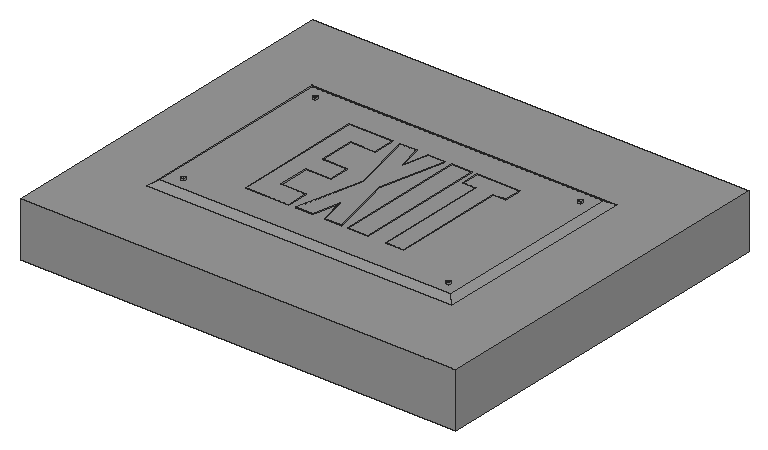
Revit family "ATXREHTLR-LG", category Lighting Fixtures, host Face, Revit 2026
Family settings
  Host = Face
  Round Connector Dimension = Use Diameter
  Part Type = Normal
  Cut with Voids When Loaded = No
  Light Source = No
  Maintain Annotation Orientation = No
  Shared = No
  Room Calculation Point = No
Parameters (values of type "ATXREHTLG")
  Wattage Comments = "2 W"
  Type Image = ATX RECESSED IMAGE.jpg
  Type Comments = ""
  Model = "ATXREHTLG"
  Manufacturer = "BEGHELLI"
  Lamp = "LED"
  LETTER MATERIAL = LETTER MATERIAL GREEN
  HOUSING MATERIAL = HOUSING MATERIAL
  Description = ""
  Default Elevation = 4' - 0"
Types (3): name | Model | LETTER MATERIAL | Description
  (no name) | "ATXREHTLG" | LETTER MATERIAL GREEN | ""
  ATXREHTLR | "ATXREHTLR" | LETTERS MATERIAL RED | "he ATX Recessed (ATX RE) is offered in HT (AC only) or SA (Self\u0002Powered). It comes standard configured with high-output LED \r\ntechnology and 120/277V input. Nickel-cadmium batteries provide a \r\nminimum 90 minutes of emergency duration. 120 minute duration \r\nbattery is available. Solid state charger & transfer. CSA C22.2 No. 141 \r\nPerformance Certified. Fuse protection is standard."
  ATXREHTLG | "ATXREHTLG" | LETTER MATERIAL GREEN | ""
Reference planes (in)
  plane 1 "Center (Front/Back)": y = 0
  plane 2: z = 0
  plane 3 "Center (Left/Right)": x = 0
Forms (in)
  Extrusion 1, solid, material "HOUSING MATERIAL" <- "HOUSING MATERIAL"
    sketch origin (0, 0, 0) x (1, 0, 0) y (0, 1, 0)
      loop
        line (-10, 8.5) -> (-10, -8.36865) -> (10.12976, -8.36865) -> (10.12976, 8.5) -> (-10, 8.5)
    from 0 to -2.52003
Dimensions and locks (in)
  aligned and locked: plane 2 to Extrusion 1
  aligned and locked: level to Extrusion 1
  aligned and locked: nested 1 to level
Nested families (in)
  nested 1: "ATX - RECESSED" at (0, 0, -2.05821), type "ATX - RECESSED"
Definition of nested family "ATX - RECESSED"
  Parameters (values of type "ATX - RECESSED")
    LETTER MATERIAL = none
    HOUSING MATERIAL = none
    Default Elevation = 0' - 0"
  Reference planes (in)
    plane 1 "Center (Front/Back)": y = 0
    plane 2: z = 0
    plane 3 "Center (Left/Right)": x = 0
  Dimensions and locks (in)
    aligned and locked: plane 2 to level
  Nested families (in)
    nested 1: "ATX - HOUSING-RECESSEDL" at (0, 0, 0), type "ATX - HOUSING-RECESSEDL"
    nested 2: "ATX - LETTER" at (0, 0.10607, -2.40378), type "LETTERS"
  Definition of nested family "ATX - HOUSING-RECESSEDL"
    Parameters (values of type "ATX - HOUSING-RECESSEDL")
      Default Elevation = 0' - 0"
      HOUSING MATERIAL = none
    Reference planes (in)
      plane 1 "Center (Front/Back)": y = 0
      plane 2: z = 0
      plane 3 "Center (Left/Right)": x = 0
      plane 4: z = 2.25
      plane 5: x = -7.125
      plane 6: y = 4.75
      plane 7: y = -4.75
      plane 8: x = 7.125
      plane 9: x = -6.125
      plane 10: x = 6.125
      plane 11: y = 3.8125
      plane 12: y = -3.8125
    Forms (in)
      Extrusion 1, solid, material <- "HOUSING MATERIAL"
        sketch origin (0, 0, 0) x (1, 0, 0) y (0, 1, 0)
          loop
            line (-7.125, 4.75) -> (-7.125, -4.75) -> (7.125, -4.75) -> (7.125, 4.75) -> (-7.125, 4.75)
        from 2.05821 to 2.25
      Extrusion 2, solid, material <- "HOUSING MATERIAL"
        sketch origin (0, 0, 0) x (1, 0, 0) y (0, 1, 0)
          loop
            line (-6.125, 3.8125) -> (-6.125, -3.8125) -> (6.125, -3.8125) -> (6.125, 3.8125) -> (-6.125, 3.8125)
        from 0 to 2.05821
      Extrusion 3, void
        sketch origin (0, 0, 0) x (1, 0, 0) y (0, 1, 0)
          loop
            line (-1.96514, 3.08107) -> (-3.96514, 3.08107) -> (-3.96514, -2.91893) -> (-1.96514, -2.91893) -> (-1.96514, -1.91893) -> (-3.10481, -1.91893) -> (-3.10481, -0.47984) -> (-1.96514, -0.47984) -> (-1.96514, 0.45607) -> (-3.10481, 0.45607) -> (-3.10481, 2.08107) -> (-1.96514, 2.08107) -> (-1.96514, 3.08107)
          loop
            line (-0.84609, 3.08107) -> (-1.62734, 3.08107) -> (-0.94531, 0.12685) -> (-1.64848, -2.91893) -> (-0.86723, -2.91893) -> (-0.58752, -1.70738) -> (-0.30782, -2.91893) -> (0.48909, -2.91893) -> (-0.21408, 0.12685) -> (0.46795, 3.08107) -> (-0.32895, 3.08107) -> (-0.58752, 1.96107) -> (-0.84609, 3.08107)
          loop
            line (1.6945, 3.08107) -> (0.77206, 3.08107) -> (0.77206, -2.91893) -> (1.6945, -2.91893) -> (1.6945, 3.08107)
          loop
            line (3.90781, 3.08107) -> (1.9445, 3.08107) -> (1.9445, 2.26742) -> (2.51549, 2.26742) -> (2.51549, -2.91893) -> (3.33682, -2.91893) -> (3.33682, 2.26742) -> (3.90781, 2.26742) -> (3.90781, 3.08107)
        from 2.19405 to 2.5
      Extrusion 4, void
        sketch origin (0, 0, 0) x (0, 1, 0) y (0, 0, 1)
          loop
            line (4.41781, 2.25) -> (4.75, 2.05821) -> (4.94922, 2.05821) -> (4.94922, 2.35605) -> (4.41781, 2.35605) -> (4.41781, 2.25)
        from -7.71918 to 7.75287
      Extrusion 5, void
        sketch origin (0, 0, 0) x (0, -1, 0) y (0, 0, -1)
          loop
            line (4.41781, -2.25) -> (4.41781, -2.35605) -> (4.94922, -2.35605) -> (4.94922, -2.05821) -> (4.75, -2.05821) -> (4.41781, -2.25)
        from -7.71918 to 7.75287
      Extrusion 6, void
        sketch origin (-2.30078, 15.94934, -0.00023) x (-1, 0, 0) y (0, 0, 1)
          loop
            line (4.41781, 2.25) -> (4.75, 2.05821) -> (4.94922, 2.05821) -> (4.94922, 2.35605) -> (4.41781, 2.35605) -> (4.41781, 2.25)
        from -22.60121 to -9.94934
      Extrusion 7, void
        sketch origin (2.30078, 15.94934, -0.00023) x (1, 0, 0) y (0, 0, -1)
          loop
            line (4.41781, -2.25) -> (4.41781, -2.35605) -> (4.94922, -2.35605) -> (4.94922, -2.05821) -> (4.75, -2.05821) -> (4.41781, -2.25)
        from -22.60121 to -9.94934
      Extrusion 8, solid, material <- "HOUSING MATERIAL"
        sketch origin (0.89797, 5.44768, 0) x (0.707107, 0.707107, 0) y (-0.707107, 0.707107, 0)
          loop
            line (-6.22301, 3.8125) -> (-6.02699, 3.8125)
            arc (-6.02699, 3.8125) -> (-6.125, 3.91051) -> (-6.22301, 3.8125) r 0.09801
        from 2.19405 to 2.28886
      Extrusion 9, solid, material <- "HOUSING MATERIAL"
        sketch origin (-4.48803, 10.83368, 0) x (0.707107, 0.707107, 0) y (-0.707107, 0.707107, 0)
          loop
            arc (-6.22301, -3.8125) -> (-6.125, -3.91051) -> (-6.02699, -3.8125) r 0.09801
            line (-6.02699, -3.8125) -> (-6.22301, -3.8125)
        from 2.19405 to 2.28886
      Extrusion 10, solid, material <- "HOUSING MATERIAL"
        sketch origin (-0.89797, 5.44768, 0) x (-0.707107, 0.707107, 0) y (-0.707107, -0.707107, 0)
          loop
            arc (-6.22301, -3.8125) -> (-6.125, -3.91051) -> (-6.02699, -3.8125) r 0.09801
            line (-6.02699, -3.8125) -> (-6.22301, -3.8125)
        from 2.19405 to 2.28886
      Extrusion 11, solid, material <- "HOUSING MATERIAL"
        sketch origin (4.48803, 10.83368, 0) x (-0.707107, 0.707107, 0) y (-0.707107, -0.707107, 0)
          loop
            line (-6.22301, 3.8125) -> (-6.02699, 3.8125)
            arc (-6.02699, 3.8125) -> (-6.125, 3.91051) -> (-6.22301, 3.8125) r 0.09801
        from 2.19405 to 2.28886
      Extrusion 12, solid, material <- "HOUSING MATERIAL"
        sketch origin (-0.89797, -5.44768, 0) x (-0.707107, -0.707107, 0) y (0.707107, -0.707107, 0)
          loop
            line (-6.22301, 3.8125) -> (-6.02699, 3.8125)
            arc (-6.02699, 3.8125) -> (-6.125, 3.91051) -> (-6.22301, 3.8125) r 0.09801
        from 2.19405 to 2.28886
      Extrusion 13, solid, material <- "HOUSING MATERIAL"
        sketch origin (4.48803, -10.83368, 0) x (-0.707107, -0.707107, 0) y (0.707107, -0.707107, 0)
          loop
            arc (-6.22301, -3.8125) -> (-6.125, -3.91051) -> (-6.02699, -3.8125) r 0.09801
            line (-6.02699, -3.8125) -> (-6.22301, -3.8125)
        from 2.19405 to 2.28886
      Extrusion 14, solid, material <- "HOUSING MATERIAL"
        sketch origin (0.89797, -5.44768, 0) x (0.707107, -0.707107, 0) y (0.707107, 0.707107, 0)
          loop
            arc (-6.22301, -3.8125) -> (-6.125, -3.91051) -> (-6.02699, -3.8125) r 0.09801
            line (-6.02699, -3.8125) -> (-6.22301, -3.8125)
        from 2.19405 to 2.28886
      Extrusion 15, solid, material <- "HOUSING MATERIAL"
        sketch origin (-4.48803, -10.83368, 0) x (0.707107, -0.707107, 0) y (0.707107, 0.707107, 0)
          loop
            line (-6.22301, 3.8125) -> (-6.02699, 3.8125)
            arc (-6.02699, 3.8125) -> (-6.125, 3.91051) -> (-6.22301, 3.8125) r 0.09801
        from 2.19405 to 2.28886
    Cuts and joins
      Extrusion 3 cuts Extrusion 2
      Extrusion 3, Extrusion 4, Extrusion 5, Extrusion 6, Extrusion 7 cuts Extrusion 1
    Dimensions and locks (in)
      plane 4 to level = 0' - 2 1/4"  (x2)
      plane 5 to plane 3 "Center (Left/Right)" = 0' - 7 1/8"
      plane 6 to plane 1 "Center (Front/Back)" = 0' - 4 3/4"
      plane 9 to plane 3 "Center (Left/Right)" = 0' - 6 1/8"
      plane 11 to plane 1 "Center (Front/Back)" = 0' - 3 13/16"
      aligned and locked: plane 2 to level
      aligned and locked: plane 4 to Extrusion 1
  Definition of nested family "ATX - LETTER"
    Parameters (values of type "LETTERS")
      LETTERS MATERIAL = none
      Default Elevation = 0' - 0"
    Reference planes (in)
      plane 1 "Center (Front/Back)": y = 0
      plane 2: z = 0
      plane 3 "Center (Left/Right)": x = 0
    Forms (in)
      Extrusion 1, solid, material <- "LETTERS MATERIAL"
        sketch origin (0, -4.58659, 2.66159) x (1, 0, 0) y (0, 1, 0)
          loop
            line (-3.96514, 7.56159) -> (-3.96514, 1.56159) -> (-1.96514, 1.56159) -> (-1.96514, 2.56159) -> (-3.10481, 2.56159) -> (-3.10481, 4.00068) -> (-1.96514, 4.00068) -> (-1.96514, 4.93659) -> (-3.10481, 4.93659) -> (-3.10481, 6.56159) -> (-1.96514, 6.56159) -> (-1.96514, 7.56159) -> (-3.96514, 7.56159)
        from 1.8 to 2
      Extrusion 2, solid, material <- "LETTERS MATERIAL"
        sketch origin (0, -4.58659, 2.66159) x (1, 0, 0) y (0, 1, 0)
          loop
            line (-1.62734, 7.56159) -> (-0.94531, 4.60737) -> (-1.64848, 1.56159) -> (-0.86723, 1.56159) -> (-0.58752, 2.77314) -> (-0.30782, 1.56159) -> (0.48909, 1.56159) -> (-0.21408, 4.60737) -> (0.46795, 7.56159) -> (-0.32895, 7.56159) -> (-0.58752, 6.44159) -> (-0.84609, 7.56159) -> (-1.62734, 7.56159)
        from 1.8 to 2
      Extrusion 3, solid, material <- "LETTERS MATERIAL"
        sketch origin (0, -4.58659, 2.66159) x (1, 0, 0) y (0, 1, 0)
          loop
            line (0.77206, 7.56159) -> (0.77206, 1.56159) -> (1.6945, 1.56159) -> (1.6945, 7.56159) -> (0.77206, 7.56159)
        from 1.8 to 2
      Extrusion 4, solid, material <- "LETTERS MATERIAL"
        sketch origin (0, -4.58659, 2.66159) x (1, 0, 0) y (0, 1, 0)
          loop
            line (1.9445, 7.56159) -> (1.9445, 6.74794) -> (2.51549, 6.74794) -> (2.51549, 1.56159) -> (3.33682, 1.56159) -> (3.33682, 6.74794) -> (3.90781, 6.74794) -> (3.90781, 7.56159) -> (1.9445, 7.56159)
        from 1.8 to 2
    Dimensions and locks (in)
      aligned and locked: plane 2 to level
